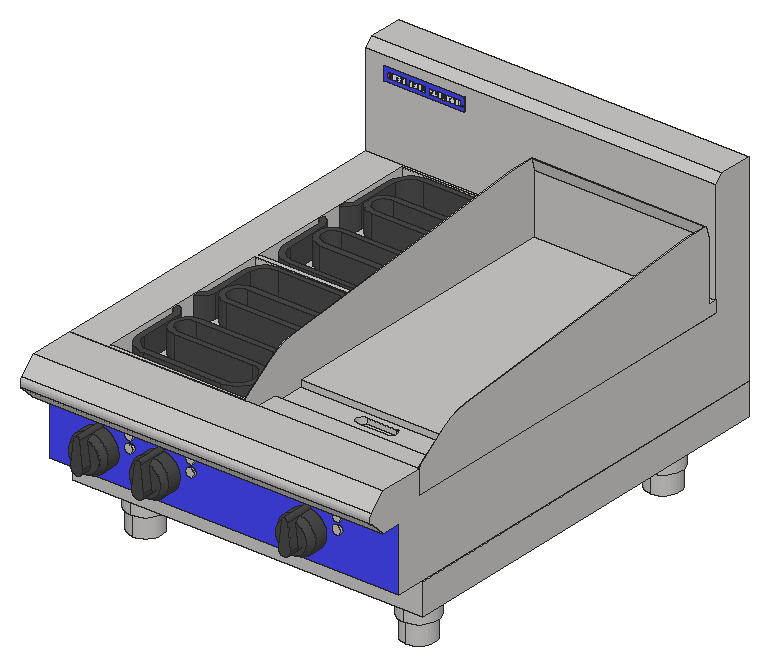
Revit family "QF_MOFFAT_BLUESEAL_CE_E514C-B", category Specialty Equipment, Revit 2012
Parameters
  Width [instance] = 600.0 mm  # constant formula
  Weight in Pounds = 162  # constant formula
  Watts = 8200 W
  Volts = 400 V
  URL Cutsheet = "www.moffat.com"
  URL = "www.moffat.com"
  Type Mark [instance] = ""
  Status [instance] = ""
  Specification by User [instance] = ""
  Specification by Manufacturer = ""
  Show Logo [instance] = yes
  Serial Number = ""
  Seismic Rating = ""
  SMACNA No = ""
  Revision Code [instance] = ""
  Phase = 3
  Omniclass Number and Title = ""
  Number of Poles = 1
  NAFEM Spec ID Number = ""
  Model = "E514C-B"
  Min Ckt Ampacity = 0 A
  Max Overcurrent Protection = 0 A
  Masterspec = ""
  Manufacturer = "MOFFAT BLUESEAL"
  Item Number [instance] = ""
  Installed By [instance] = ""
  Identify Quantity as Lot [instance] = yes
  Height [instance] = 370.0 mm  # constant formula
  HP = ""
  Furnished By [instance] = ""
  Foodservice Equipment Identifier [instance] = yes
  FL Amps = 20 A
  Electrical Remarks = "20A PER PHASE"
  Elec Conn RI Height = 0.0 mm
  Elec Conn Connection Height = 0.0 mm
  Description = "600MM ELECTRIC COOK TOP & GRIDDLE ON BENCH MOUNT"
  Depth [instance] = 812.0 mm  # constant formula
  Cycle = 50 Hz
  Conn Plug = ""
  Conn Conduit = yes
  CSI MasterFormat = ""
  CSI Master Format = ""
  Base Height [instance] = 85.0 mm
  Apparent Power = if(Phase = 3, Volts * FL Amps * 1.73, Volts * FL Amps)  # 13840 VA
Reference planes
  plane 1 "BACK": y = 0
  plane 2: z = 0
  plane 3 "LEFT": x = 0
  plane 4 "RIGHT": x = 600
  plane 5 "FRONT": y = -812
  plane 6 "TOP": z = 375
  plane 7 "Center Y": x = 300
  plane 8 "Center X": y = -406
  plane 9 "Base Height": z = 85
  plane 10: x = 65
  plane 11: x = 535
  plane 12: z = 485
  plane 13: y = -100
  plane 14: y = -625
Forms (mm)
  Extrusion 1, solid, material "QF_Finishes_Stainless Steel"
    sketch origin (0, 0, 0) x (0, 1, 0) y (0, 0, 1)
      loop
        line (0, 140) -> (0, 485) -> (-57.5, 485) -> (-70, 472.5) -> (-70, 275) -> (-705, 275) -> (-705, 315) -> (-783.97, 315) -> (-808.485, 290.485)
        arc (-808.485, 290.485) -> (-811.999, 282) -> (-808.485, 273.515) r 12
        line (-808.485, 273.515) -> (-784.97, 250) -> (-749, 250) -> (-749, 140) -> (0, 140)
      loop
        line (0, 85) -> (0, 139.206) -> (-699, 139.206) -> (-699, 85) -> (0, 85)
    from 0 to 600
  Revolve 2, solid, material "QF_Finishes_Stainless Steel"
    sketch origin (534.5, -210, 0) x (0, 1, 0) y (0, 0, -1)
      loop
        line (78.25, -85) -> (110, -85) -> (110, 0) -> (82.5, 0) -> (82.5, -35) -> (78.25, -35) -> (78.25, -85)
      axis (110, -85) -> (110, 0)
    angle from 0 to 360
  Revolve 3, solid, material "QF_Finishes_Stainless Steel"
    sketch origin (65.5, -210, 0) x (0, 1, 0) y (0, 0, 1)
      loop
        line (78.25, 85) -> (78.25, 35) -> (82.5, 35) -> (82.5, 0) -> (110, 0) -> (110, 85) -> (78.25, 85)
      axis (110, 85) -> (110, 0)
    angle from 0 to 360
  Extrusion 4, void
    sketch origin (0, -706, 139.206) x (0, 1, 0) y (-1, 0, 0)
      loop
        circle (674, -470) r 13.5
    from 0 to -86.704
  Revolve 5, solid, material "QF_Finishes_Black"
    sketch origin (93.995, 7, -7.2) x (0, 1, 0) y (0, 0, -1)
      loop
        line (-789, -234.5) -> (-766, -234.5) -> (-766, -207) -> (-756, -207) -> (-756, -202) -> (-800, -202) -> (-800, -228.651) -> (-789, -234.5)
      axis (-800, -202) -> (-756, -202)
    angle from 0 to 360
  Extrusion 6, solid, material "QF_Finishes_Black"
    sketch origin (232.265, 0, -7.042) x (-1, 0, 0) y (0, 0, -1)
      loop
        line (143.268, -233.955) -> (148.757, -189.87)
        arc (148.757, -189.87) -> (137.685, -179.371) -> (127.85, -191.037) r 10.487
        line (127.85, -191.037) -> (133.271, -233.955)
        arc (133.271, -233.955) -> (138.27, -238.842) -> (143.268, -233.955) r 5
    from 759 to 808
  Revolve 7, solid, material "QF_Finishes_Stainless Steel"
    sketch origin (534.5, -728, 0) x (0, 1, 0) y (0, 0, -1)
      loop
        line (71.25, -85) -> (103, -85) -> (103, 0) -> (75.5, 0) -> (75.5, -35) -> (71.25, -35) -> (71.25, -85)
      axis (103, -85) -> (103, 0)
    angle from 0 to 360
  Revolve 8, solid, material "QF_Finishes_Stainless Steel"
    sketch origin (65.5, -728, 0) x (0, 1, 0) y (0, 0, 1)
      loop
        line (71.25, 85) -> (71.25, 35) -> (75.5, 35) -> (75.5, 0) -> (103, 0) -> (103, 85) -> (71.25, 85)
      axis (103, 85) -> (103, 0)
    angle from 0 to 360
  Extrusion 9, solid, material "QF_Finishes_Stainless Steel"
    sketch origin (0, -706, 139.206) x (0, 1, 0) y (-1, 0, 0)
      loop
        circle (675, -469.75) r 6.35
    from 0 to -24.206
  Extrusion 10, solid, material "QF_Finishes_Stainless Steel"
    sketch origin (-40, -749, 250) x (0, 0, -1) y (1, 0, 0)
      loop
        circle (45.2, 179) r 7.15
      loop
        circle (25.2, 179) r 7.15
    from 0 to 3.2
  Revolve 11, solid, material "QF_Finishes_Black"
    sketch origin (198.995, 7, -7.2) x (0, 1, 0) y (0, 0, -1)
      loop
        line (-789, -234.5) -> (-766, -234.5) -> (-766, -207) -> (-756, -207) -> (-756, -202) -> (-800, -202) -> (-800, -228.651) -> (-789, -234.5)
      axis (-800, -202) -> (-756, -202)
    angle from 0 to 360
  Extrusion 12, solid, material "QF_Finishes_Black"
    sketch origin (337.265, 0, -7.042) x (-1, 0, 0) y (0, 0, -1)
      loop
        line (143.268, -233.955) -> (148.757, -189.87)
        arc (148.757, -189.87) -> (137.685, -179.371) -> (127.85, -191.037) r 10.487
        line (127.85, -191.037) -> (133.271, -233.955)
        arc (133.271, -233.955) -> (138.27, -238.842) -> (143.268, -233.955) r 5
    from 759 to 808
  Extrusion 13, solid, material "QF_Finishes_Stainless Steel"
    sketch origin (65, -749, 250) x (0, 0, -1) y (1, 0, 0)
      loop
        circle (45.2, 179) r 7.15
      loop
        circle (25.2, 179) r 7.15
    from 0 to 3.2
  Revolve 14, solid, material "QF_Finishes_Black"
    sketch origin (450.3, 7, -7.2) x (0, 1, 0) y (0, 0, -1)
      loop
        line (-789, -234.5) -> (-766, -234.5) -> (-766, -207) -> (-756, -207) -> (-756, -202) -> (-800, -202) -> (-800, -228.651) -> (-789, -234.5)
      axis (-800, -202) -> (-756, -202)
    angle from 0 to 360
  Extrusion 15, solid, material "QF_Finishes_Black"
    sketch origin (588.57, 0, -7.042) x (-1, 0, 0) y (0, 0, -1)
      loop
        line (143.268, -233.955) -> (148.757, -189.87)
        arc (148.757, -189.87) -> (137.685, -179.371) -> (127.85, -191.037) r 10.487
        line (127.85, -191.037) -> (133.271, -233.955)
        arc (133.271, -233.955) -> (138.27, -238.842) -> (143.268, -233.955) r 5
    from 759 to 808
  Extrusion 16, solid, material "QF_Finishes_Stainless Steel"
    sketch origin (316.305, -749, 250) x (0, 0, -1) y (1, 0, 0)
      loop
        circle (45.2, 179) r 7.15
      loop
        circle (25.2, 179) r 7.15
    from 0 to 3.2
Cuts and joins
  joined: Revolve 5, Extrusion 6
  Extrusion 4 cuts Extrusion 1
Lines and regions (mm)
  Split face 1
    outline origin (600, 0, 485) x (-1, 0, 0) y (0, -1, 0)
      loop
        arc (556, 18.385) -> (564.66, 23.385) -> (564.66, 33.385) r 10
        line (564.66, 33.385) -> (560.619, 40.385)
        arc (560.619, 40.385) -> (556.959, 44.045) -> (551.959, 45.385) r 10
        line (551.959, 45.385) -> (324, 45.385)
        arc (324, 45.385) -> (315.34, 40.385) -> (315.34, 30.385) r 10
        line (315.34, 30.385) -> (319.381, 23.385)
        arc (319.381, 23.385) -> (323.041, 19.725) -> (328.041, 18.385) r 10
        line (328.041, 18.385) -> (556, 18.385)
  Split face 2
    outline origin (600, 0, 485) x (-1, 0, 0) y (0, -1, 0)
      loop
        arc (276, 18.385) -> (284.66, 23.385) -> (284.66, 33.385) r 10
        line (284.66, 33.385) -> (280.619, 40.385)
        arc (280.619, 40.385) -> (276.959, 44.045) -> (271.959, 45.385) r 10
        line (271.959, 45.385) -> (44, 45.385)
        arc (44, 45.385) -> (35.34, 40.385) -> (35.34, 30.385) r 10
        line (35.34, 30.385) -> (39.381, 23.385)
        arc (39.381, 23.385) -> (43.041, 19.725) -> (48.041, 18.385) r 10
        line (48.041, 18.385) -> (276, 18.385)
  symbolic lines
    curve 1: line (0, -812, 0) -> (600, -812, 0)
    curve 2: line (0, 0, 0) -> (0, -812, 0)
    curve 3: line (600, 0, 0) -> (0, 0, 0)
    curve 4: line (600, -812, 0) -> (600, 0, 0)
    curve 5: line (0, -57.5, 0) -> (600, -57.5, 0)
    curve 6: line (48.041, -45.385, 0) -> (276, -45.385, 0)
    curve 7: arc (276, -45.385, 0) -> (284.66, -40.385, 0) -> (284.66, -30.385, 0) r 10
    curve 8: line (284.66, -30.385, 0) -> (280.619, -23.385, 0)
    curve 9: arc (280.619, -23.385, 0) -> (276.959, -19.725, 0) -> (271.959, -18.385, 0) r 10
    curve 10: line (271.959, -18.385, 0) -> (44, -18.385, 0)
    curve 11: arc (44, -18.385, 0) -> (35.34, -23.385, 0) -> (35.34, -33.385, 0) r 10
    curve 12: line (35.34, -33.385, 0) -> (39.381, -40.385, 0)
    curve 13: arc (39.381, -40.385, 0) -> (43.041, -44.045, 0) -> (48.041, -45.385, 0) r 10
    curve 14: line (556, -45.385, 0) -> (328.041, -45.385, 0)
    curve 15: arc (328.041, -45.385, 0) -> (323.041, -44.045, 0) -> (319.381, -40.385, 0) r 10
    curve 16: line (319.381, -40.385, 0) -> (315.34, -33.385, 0)
    curve 17: arc (315.34, -33.385, 0) -> (315.34, -23.385, 0) -> (324, -18.385, 0) r 10
    curve 18: line (324, -18.385, 0) -> (551.959, -18.385, 0)
    curve 19: arc (551.959, -18.385, 0) -> (556.959, -19.725, 0) -> (560.619, -23.385, 0) r 10
    curve 20: line (560.619, -23.385, 0) -> (564.66, -30.385, 0)
    curve 21: arc (564.66, -30.385, 0) -> (564.66, -40.385, 0) -> (556, -45.385, 0) r 10
    curve 22: line (0, -70, 0) -> (600, -70, 0)
    curve 23: line (0, -783.97, 0) -> (600, -783.97, 0)
Dimensions and locks
  equal spacing: plane 3 "LEFT", plane 7 "Center Y", plane 4 "RIGHT"
  "Width": plane 3 "LEFT" to plane 4 "RIGHT"
  equal spacing: plane 5 "FRONT", plane 8 "Center X", plane 1 "BACK"
  "Depth": plane 5 "FRONT" to plane 1 "BACK"
  "Base Height": plane 9 "Base Height" to level
  locked: plane 6 "TOP" to plane 9 "Base Height" at 290
  plane 6 "TOP" to level = 375.0 mm
  locked: plane 12 to plane 2 at 485
  Extrusion 9 sketch curve to plane 1 "BACK" = 31.0 mm
  cut or joined group of Extrusion 1, Extrusion 4 to plane 2 = 315.0 mm
  aligned and locked: level to plane 2
  aligned and locked: Revolve 3 sketch curve to plane 9 "Base Height"
Automatic sketch dimensions
  curve 1 to plane 3 "LEFT" = 0.0 mm
  curve 5 to plane 4 "RIGHT" = 0.0 mm
  plane 5 "FRONT" to curve 1 = 0.0 mm
  plane 1 "BACK" to curve 4 = 0.0 mm
  curve 11 to plane 10 = 29.66 mm
  curve 12 to curve 13 = 4.041 mm
  curve 11 to curve 11 = 8.66 mm
  curve 12 to curve 13 = 8.66 mm
  curve 10 to plane 7 "Center Y" = 28.041 mm
  curve 9 to curve 7 = 4.041 mm
  curve 9 to curve 8 = 8.66 mm
  curve 8 to curve 8 = 4.041 mm
  plane 7 "Center Y" to curve 16 = 15.34 mm
  curve 16 to curve 16 = 4.041 mm
  curve 17 to curve 17 = 8.66 mm
  curve 16 to curve 14 = 8.66 mm
  curve 19 to plane 11 = 16.959 mm
  curve 19 to curve 21 = 4.041 mm
  curve 19 to curve 19 = 8.66 mm
  curve 19 to curve 20 = 4.041 mm
  curve 23 to plane 5 "FRONT" = 28.03 mm
  plane 13 to curve 22 = 30.0 mm
  curve 22 to curve 5 = 12.5 mm
  plane 1 "BACK" to curve 6 = 45.385 mm
  plane 1 "BACK" to curve 14 = 45.385 mm
  curve 6 to curve 12 = 5.0 mm
  curve 14 to curve 15 = 5.0 mm
  curve 6 to curve 7 = 10.0 mm
  curve 14 to curve 21 = 10.0 mm
  curve 13 to curve 12 = 7.0 mm
  curve 16 to curve 17 = 7.0 mm
  curve 7 to curve 9 = 7.0 mm
  curve 13 to curve 11 = 7.0 mm
  curve 21 to curve 19 = 7.0 mm
  curve 15 to curve 17 = 7.0 mm
  Extrusion 1 sketch curve to plane 9 "Base Height" = 0.0 mm
  Extrusion 1 sketch curve to plane 12 = 0.0 mm
  Extrusion 1 sketch curve to plane 1 "BACK" = 0.0 mm  (x2)
  plane 13 to Extrusion 1 sketch curve = 42.5 mm
  Extrusion 1 sketch curve to plane 12 = 12.5 mm
  Extrusion 1 sketch curve to Extrusion 1 sketch curve = 12.5 mm
  Extrusion 1 sketch curve to plane 14 = 74.0 mm
  Extrusion 1 sketch curve to plane 14 = 80.0 mm
  Extrusion 1 sketch curve to Extrusion 1 sketch curve = 44.0 mm
  Extrusion 1 sketch curve to plane 5 "FRONT" = 28.03 mm
  Extrusion 1 sketch curve to plane 5 "FRONT" = 27.03 mm
  Extrusion 1 sketch curve to plane 5 "FRONT" = 12.001 mm
  Extrusion 1 sketch curve to plane 5 "FRONT" = 3.515 mm  (x2)
  plane 9 "Base Height" to Extrusion 1 sketch curve = 54.206 mm
  Extrusion 1 sketch curve to Extrusion 1 sketch curve = 0.794 mm
  Extrusion 1 sketch curve to Extrusion 1 sketch curve = 110.0 mm
  Extrusion 1 sketch curve to Extrusion 1 sketch curve = 23.515 mm
  Extrusion 1 sketch curve to Extrusion 1 sketch curve = 25.0 mm
  Extrusion 1 sketch curve to Extrusion 1 sketch curve = 8.485 mm
  Extrusion 1 sketch curve to Extrusion 1 sketch curve = 24.515 mm
  Revolve 2 sketch curve to plane 9 "Base Height" = 0.0 mm
  Revolve 2 sketch curve to level = 0.0 mm
  Revolve 2 sketch curve to plane 13 = 0.0 mm  (x2)
  Revolve 2 sketch curve to plane 13 = 27.5 mm
  Revolve 2 sketch curve to plane 13 = 31.75 mm
  Revolve 2 sketch curve to Revolve 2 sketch curve = 30.0 mm
  Revolve 2 sketch curve to Revolve 2 sketch curve = 20.0 mm
  Revolve 2 sketch curve to Revolve 2 sketch curve = 55.0 mm
  Revolve 3 sketch curve to level = 0.0 mm
  Revolve 3 sketch curve to plane 13 = 0.0 mm  (x2)
  Revolve 3 sketch curve to Revolve 3 sketch curve = 27.5 mm
  Revolve 3 sketch curve to Revolve 3 sketch curve = 31.75 mm
  Revolve 3 sketch curve to Revolve 3 sketch curve = 55.0 mm
  level to Revolve 3 sketch curve = 35.0 mm
  Revolve 3 sketch curve to plane 9 "Base Height" = 30.0 mm
  Extrusion 1 to Extrusion 4 sketch curve = 32.0 mm
  Extrusion 1 to Extrusion 4 sketch curve = 130.0 mm
  Revolve 5 sketch curve to plane 5 "FRONT" = 19.0 mm
  Revolve 5 sketch curve to Revolve 5 sketch curve = 0.0 mm  (x2)
  Revolve 5 sketch curve to Revolve 5 sketch curve = 11.0 mm
  Revolve 5 sketch curve to Revolve 5 sketch curve = 12.7 mm
  Revolve 5 sketch curve to Revolve 5 sketch curve = 23.0 mm
  Revolve 5 sketch curve to Revolve 5 sketch curve = 10.0 mm
  plane 9 "Base Height" to Revolve 5 sketch curve = 142.3 mm
  Revolve 5 sketch curve to Revolve 5 sketch curve = 5.849 mm
  Revolve 5 sketch curve to Revolve 5 sketch curve = 27.5 mm
  Revolve 5 sketch curve to Revolve 5 sketch curve = 5.0 mm
  plane 10 to Extrusion 6 sketch curve = 39.415 mm
  plane 10 to Extrusion 6 sketch curve = 33.994 mm
  Extrusion 6 sketch curve to Extrusion 6 sketch curve = 4.999 mm  (x2)
  Extrusion 6 sketch curve to Extrusion 6 sketch curve = 10.419 mm
  Extrusion 6 sketch curve to Extrusion 6 sketch curve = 10.487 mm
  plane 9 "Base Height" to Extrusion 6 sketch curve = 141.913 mm
  Extrusion 6 sketch curve to Extrusion 6 sketch curve = 0.113 mm
  Extrusion 6 sketch curve to Extrusion 6 sketch curve = 42.919 mm
  Extrusion 6 sketch curve to Extrusion 6 sketch curve = 1.167 mm
  Revolve 7 sketch curve to plane 9 "Base Height" = 0.0 mm
  Revolve 7 sketch curve to level = 0.0 mm
  Revolve 7 sketch curve to plane 14 = 0.0 mm  (x2)
  Revolve 7 sketch curve to plane 14 = 27.5 mm
  Revolve 7 sketch curve to Revolve 7 sketch curve = 31.75 mm
  Revolve 7 sketch curve to Revolve 7 sketch curve = 30.0 mm
  Revolve 7 sketch curve to Revolve 7 sketch curve = 20.0 mm
  Revolve 7 sketch curve to level = 55.0 mm
  Revolve 8 sketch curve to plane 9 "Base Height" = 0.0 mm
  Revolve 8 sketch curve to level = 0.0 mm
  Revolve 8 sketch curve to plane 14 = 0.0 mm  (x2)
  Revolve 8 sketch curve to Revolve 8 sketch curve = 27.5 mm
  Revolve 8 sketch curve to Revolve 8 sketch curve = 31.75 mm
  Revolve 8 sketch curve to level = 55.0 mm
  Revolve 8 sketch curve to Revolve 8 sketch curve = 35.0 mm
  Revolve 8 sketch curve to Revolve 8 sketch curve = 30.0 mm
  Extrusion 1 to Extrusion 9 sketch curve = 130.25 mm
  Split face 1 sketch curve to cut or joined group of Extrusion 1, Extrusion 4 = 27.115 mm
  Split face 1 sketch curve to cut or joined group of Extrusion 1, Extrusion 4 = 284.66 mm
  Split face 1 sketch curve to Split face 1 sketch curve = 4.041 mm  (x4)
  Split face 1 sketch curve to Split face 1 sketch curve = 8.66 mm  (x2)
  Split face 1 sketch curve to cut or joined group of Extrusion 1, Extrusion 4 = 12.115 mm
  Split face 1 sketch curve to cut or joined group of Extrusion 1, Extrusion 4 = 48.041 mm
  Split face 1 sketch curve to Split face 1 sketch curve = 7.0 mm  (x3)
  Split face 1 sketch curve to Split face 1 sketch curve = 17.0 mm
  Split face 2 sketch curve to cut or joined group of Extrusion 1, Extrusion 4 = 35.34 mm
  Split face 2 sketch curve to Split face 2 sketch curve = 4.041 mm  (x4)
  Split face 2 sketch curve to Split face 2 sketch curve = 8.66 mm  (x2)
  Split face 2 sketch curve to cut or joined group of Extrusion 1, Extrusion 4 = 12.115 mm
  Split face 2 sketch curve to Split face 2 sketch curve = 223.917 mm
  Split face 2 sketch curve to Split face 2 sketch curve = 5.0 mm
  Split face 2 sketch curve to Split face 2 sketch curve = 10.0 mm
  Split face 2 sketch curve to Split face 2 sketch curve = 7.0 mm  (x3)
  Extrusion 1 to Extrusion 10 sketch curve = 25.2 mm
  Extrusion 10 sketch curve to Extrusion 10 sketch curve = 20.0 mm
  Extrusion 1 to Extrusion 10 sketch curve = 139.0 mm
  Extrusion 10 sketch curve to Extrusion 10 sketch curve = 0.0 mm
  Revolve 11 sketch curve to plane 5 "FRONT" = 19.0 mm
  Revolve 11 sketch curve to Revolve 11 sketch curve = 0.0 mm  (x2)
  Revolve 11 sketch curve to Revolve 11 sketch curve = 11.0 mm
  Revolve 11 sketch curve to Revolve 11 sketch curve = 12.7 mm
  Revolve 11 sketch curve to Revolve 11 sketch curve = 23.0 mm
  Revolve 11 sketch curve to Revolve 11 sketch curve = 10.0 mm
  plane 9 "Base Height" to Revolve 11 sketch curve = 142.3 mm
  Revolve 11 sketch curve to Revolve 11 sketch curve = 5.849 mm
  Revolve 11 sketch curve to Revolve 11 sketch curve = 27.5 mm
  Revolve 11 sketch curve to Revolve 11 sketch curve = 5.0 mm
  Extrusion 12 sketch curve to plane 7 "Center Y" = 90.585 mm
  Extrusion 12 sketch curve to Extrusion 12 sketch curve = 5.421 mm
  Extrusion 12 sketch curve to Extrusion 12 sketch curve = 4.999 mm  (x2)
  Extrusion 12 sketch curve to Extrusion 12 sketch curve = 10.419 mm
  plane 9 "Base Height" to Extrusion 12 sketch curve = 97.828 mm
  Extrusion 12 sketch curve to Extrusion 12 sketch curve = 10.487 mm
  Extrusion 12 sketch curve to Extrusion 12 sketch curve = 1.167 mm
  Extrusion 12 sketch curve to Extrusion 12 sketch curve = 44.0 mm
  Extrusion 12 sketch curve to Extrusion 12 sketch curve = 0.113 mm
  Extrusion 1 to Extrusion 13 sketch curve = 25.2 mm
  Extrusion 13 sketch curve to Extrusion 13 sketch curve = 20.0 mm
  Extrusion 1 to Extrusion 13 sketch curve = 244.0 mm
  Extrusion 13 sketch curve to Extrusion 13 sketch curve = 0.0 mm
  Revolve 14 sketch curve to plane 5 "FRONT" = 19.0 mm
  Revolve 14 sketch curve to Revolve 14 sketch curve = 0.0 mm  (x2)
  Revolve 14 sketch curve to Revolve 14 sketch curve = 11.0 mm
  Revolve 14 sketch curve to Revolve 14 sketch curve = 12.7 mm
  Revolve 14 sketch curve to Revolve 14 sketch curve = 23.0 mm
  Revolve 14 sketch curve to Revolve 14 sketch curve = 10.0 mm
  plane 9 "Base Height" to Revolve 14 sketch curve = 142.3 mm
  Revolve 14 sketch curve to Revolve 14 sketch curve = 5.849 mm
  Revolve 14 sketch curve to Revolve 14 sketch curve = 27.5 mm
  Revolve 14 sketch curve to Revolve 14 sketch curve = 5.0 mm
  plane 7 "Center Y" to Extrusion 15 sketch curve = 160.719 mm
  Extrusion 15 sketch curve to Extrusion 15 sketch curve = 5.421 mm
  Extrusion 15 sketch curve to Extrusion 15 sketch curve = 4.999 mm  (x2)
  Extrusion 15 sketch curve to Extrusion 15 sketch curve = 10.419 mm
  Extrusion 15 sketch curve to Extrusion 15 sketch curve = 10.487 mm
  plane 9 "Base Height" to Extrusion 15 sketch curve = 141.913 mm
  Extrusion 15 sketch curve to Extrusion 15 sketch curve = 0.113 mm
  Extrusion 15 sketch curve to Extrusion 15 sketch curve = 42.919 mm
  Extrusion 15 sketch curve to Extrusion 15 sketch curve = 1.167 mm
  Extrusion 1 to Extrusion 16 sketch curve = 25.2 mm
  Extrusion 16 sketch curve to Extrusion 16 sketch curve = 20.0 mm
  Extrusion 1 to Extrusion 16 sketch curve = 104.695 mm
  Extrusion 16 sketch curve to Extrusion 16 sketch curve = 0.0 mm
  radius of Extrusion 4 sketch curve = 13.5 mm
  radius of Extrusion 9 sketch curve = 6.35 mm
  radius of Extrusion 10 sketch curve = 7.15 mm  (x2)
  radius of Extrusion 13 sketch curve = 7.15 mm  (x2)
  radius of Extrusion 16 sketch curve = 7.15 mm  (x2)
Nested families
  nested 1: "WALDORF LOGO_FACE BASE" at (32, -70, 456.885) x (1, 0, 0) z (0, -1, 0), visible <- "Show Logo", type "WALDORF LOGO_FACE BASE", detail levels medium+fine
    with Show Logo yes
  nested 2: "ELECTRIC BURNER & GRIDDLE 600" at (0, -70, 275), type "ELECTRIC BURNER & GRIDDLE 600"
    with Width 600.0 mm, Type Mark "", Status "", Specification by User "", Revision Code "", Item Number "", Installed By "", Identify Quantity as Lot yes, Furnished By "", Foodservice Equipment Identifier yes, Depth 635.0 mm
Connectors
  electrical at (469.75, -31, 115), driven by "Volts", driven by "Watts"
    settings: on Extrusion 9, index 1, voltage 400 V, apparent load 8200 VA, apparent load phase1 0 VA, apparent load phase2 0 VA, apparent load phase3 0 VA, power factor 1, load classification "Other", number of poles 1, system type 30, power factor state 1, is connector primary yes, connector utility no, sub classification motor no, connector description "ELECTRICAL CONNECTION"
Definition of nested family "WALDORF LOGO_FACE BASE"
  Parameters (values of type "WALDORF LOGO_FACE BASE")
    Show Logo [instance] = yes
    Default Elevation = 1219.2 mm
  Reference planes
    plane 1 "Center (Front/Back)": y = 0
    plane 2: z = 0
    plane 3 "Center (Left/Right)": x = 0
  Forms (mm)
    Extrusion 1, solid
      sketch origin (0, 0, 0) x (1, 0, 0) y (0, 1, 0)
        loop
          line (-1219.2, 1219.2) -> (-1219.2, -1219.2) -> (1219.2, -1219.2) -> (1219.2, 1219.2) -> (-1219.2, 1219.2)
      from 0 to -304.8
    Extrusion 2, solid, material "QF_Finishes_Blue", visible <- "Show Logo"
      sketch origin (0, -33.217, 0) x (1, 0, 0) y (0, 1, 0)
        loop
          arc (138, 31.942) -> (137.626, 32.844) -> (136.724, 33.217) r 1.276
          line (136.724, 33.217) -> (1.29, 33.217)
          arc (1.29, 33.217) -> (0.378, 32.839) -> (0, 31.927) r 1.29
          line (0, 31.927) -> (0, 11.507)
          arc (0, 11.507) -> (0.378, 10.595) -> (1.29, 10.217) r 1.29
          line (1.29, 10.217) -> (136.71, 10.217)
          arc (136.71, 10.217) -> (137.622, 10.595) -> (138, 11.507) r 1.29
          line (138, 11.507) -> (138, 31.942)
      from 0 to 1.588
    Extrusion 3, solid, material "QF_Finishes_White", visible <- "Show Logo"
      sketch origin (0, -33.217, 1.588) x (1, 0, 0) y (0, 1, 0)
        loop
          arc (108.946, 25.919) -> (107.613, 25.367) -> (107.061, 24.034) r 1.885
          line (107.061, 24.034) -> (107.061, 17.211) -> (112.704, 17.211) -> (112.704, 19.129) -> (115.546, 19.129) -> (115.546, 17.211) -> (121.584, 17.211) -> (121.584, 24.075)
          arc (121.584, 24.075) -> (121.043, 25.379) -> (119.739, 25.919) r 1.845
          line (119.739, 25.919) -> (108.946, 25.919)
        loop
          line (123.478, 25.919) -> (123.478, 17.163) -> (134.904, 17.163) -> (134.904, 19.129) -> (129.246, 19.129) -> (129.246, 25.919) -> (123.478, 25.919)
        loop
          line (112.704, 21.258) -> (115.546, 21.258) -> (115.546, 22.702)
          arc (115.546, 22.702) -> (115.344, 23.188) -> (114.858, 23.389) r 0.687
          line (114.858, 23.389) -> (113.363, 23.389)
          arc (113.363, 23.389) -> (112.897, 23.196) -> (112.704, 22.73) r 0.658
          line (112.704, 22.73) -> (112.704, 21.258)
        loop
          line (105.071, 25.919) -> (93.771, 25.919) -> (93.771, 17.163) -> (105.071, 17.163) -> (105.071, 19.063) -> (99.535, 19.063) -> (99.535, 20.437) -> (105.071, 20.437) -> (105.071, 22.278) -> (99.535, 22.278) -> (99.535, 23.587) -> (105.071, 23.587) -> (105.071, 25.919)
        loop
          line (91.104, 25.919) -> (79.541, 25.919)
          arc (79.541, 25.919) -> (78.558, 25.513) -> (78.152, 24.53) r 1.389
          line (78.152, 24.53) -> (78.152, 22.08)
          arc (78.152, 22.08) -> (78.558, 21.098) -> (79.541, 20.691) r 1.389
          line (79.541, 20.691) -> (86.346, 20.691) -> (86.346, 18.864) -> (83.266, 18.864) -> (83.266, 19.664) -> (78.152, 19.664) -> (78.152, 18.553)
          arc (78.152, 18.553) -> (78.558, 17.57) -> (79.541, 17.163) r 1.389
          line (79.541, 17.163) -> (91.063, 17.163)
          arc (91.063, 17.163) -> (92.045, 17.57) -> (92.452, 18.553) r 1.389
          line (92.452, 18.553) -> (92.452, 20.691)
          arc (92.452, 20.691) -> (92.045, 21.673) -> (91.063, 22.08) r 1.389
          line (91.063, 22.08) -> (83.266, 22.08) -> (83.266, 23.984) -> (86.346, 23.984) -> (86.346, 22.743) -> (92.452, 22.743) -> (92.452, 24.571)
          arc (92.452, 24.571) -> (92.057, 25.524) -> (91.104, 25.919) r 1.348
        loop
          line (70.705, 25.919) -> (59.405, 25.919) -> (59.405, 17.163) -> (70.705, 17.163) -> (70.705, 19.063) -> (65.169, 19.063) -> (65.169, 20.437) -> (70.705, 20.437) -> (70.705, 22.278) -> (65.169, 22.278) -> (65.169, 23.587) -> (70.705, 23.587) -> (70.705, 25.919)
        loop
          line (57.598, 25.919) -> (51.7, 25.919) -> (51.7, 20.18)
          arc (51.7, 20.18) -> (50.63, 19.11) -> (49.56, 20.18) r 1.07
          line (49.56, 20.18) -> (49.56, 25.919) -> (43.663, 25.919) -> (43.663, 19.049)
          arc (43.663, 19.049) -> (44.215, 17.716) -> (45.548, 17.163) r 1.885
          line (45.548, 17.163) -> (55.71, 17.163)
          arc (55.71, 17.163) -> (57.045, 17.716) -> (57.598, 19.051) r 1.887
          line (57.598, 19.051) -> (57.598, 25.919)
        loop
          line (31.62, 25.919) -> (31.62, 17.163) -> (43.046, 17.163) -> (43.046, 19.129) -> (37.388, 19.129) -> (37.388, 25.919) -> (31.62, 25.919)
        loop
          line (15.969, 25.919) -> (15.969, 17.163) -> (28.693, 17.163)
          arc (28.693, 17.163) -> (29.812, 17.627) -> (30.276, 18.746) r 1.582
          line (30.276, 18.746) -> (30.276, 20.447) -> (29.48, 21.243) -> (30.276, 22.039) -> (30.276, 24.332)
          arc (30.276, 24.332) -> (29.811, 25.454) -> (28.688, 25.919) r 1.587
          line (28.688, 25.919) -> (15.969, 25.919)
        loop
          line (21.449, 24.159) -> (21.449, 22.436) -> (23.862, 22.436)
          arc (23.862, 22.436) -> (24.723, 23.298) -> (23.862, 24.159) r 0.861
          line (23.862, 24.159) -> (21.449, 24.159)
        loop
          line (21.449, 20.244) -> (21.449, 18.522) -> (23.862, 18.522)
          arc (23.862, 18.522) -> (24.723, 19.383) -> (23.862, 20.244) r 0.861
          line (23.862, 20.244) -> (21.449, 20.244)
      from 0 to 0.2
    Extrusion 4, solid, material "QF_Finishes_Blue", visible <- "Show Logo"
      sketch origin (-126.498, -31.09, 1.588) x (1, 0, 0) y (0, 1, 0)
        loop
          line (136.738, 23.522) -> (136.738, 15.1)
          arc (136.738, 15.1) -> (140.756, 19.311) -> (136.738, 23.522) r 4.216
      from 0 to 0.2
    Extrusion 5, solid, material "QF_Finishes_Red", visible <- "Show Logo"
      sketch origin (146.849, -31.09, 1.588) x (-1, 0, 0) y (0, -1, 0)
        loop
          arc (136.738, -23.522) -> (140.756, -19.311) -> (136.738, -15.1) r 4.216
          line (136.738, -15.1) -> (136.738, -23.522)
      from 0 to 0.2
  Lines and regions (mm)
    Split face 1
      outline origin (-90.35, -30.793, 1.588) x (1, 0, 0) y (0, 1, 0)
        loop
          circle (100.54, 19.013) r 4.536
  Dimensions and locks
    aligned and locked: plane 2 to Extrusion 1
    aligned and locked: level to Extrusion 1
Definition of nested family "ELECTRIC BURNER & GRIDDLE 600"
  Parameters (values of type "ELECTRIC BURNER & GRIDDLE 600")
    Width [instance] = 600.0 mm
    Weight in Pounds = 0
    URL Cutsheet = ""
    Type Mark [instance] = ""
    Status [instance] = ""
    Specification by User [instance] = ""
    Specification by Manufacturer = ""
    Serial Number = ""
    Seismic Rating = ""
    SMACNA No = ""
    Revision Code [instance] = ""
    Omniclass Number and Title = ""
    NAFEM Spec ID Number = ""
    Masterspec = ""
    Item Number [instance] = ""
    Installed By [instance] = ""
    Identify Quantity as Lot [instance] = yes
    Furnished By [instance] = ""
    Foodservice Equipment Identifier [instance] = yes
    Depth [instance] = 635.0 mm
    CSI MasterFormat = ""
    CSI Master Format = ""
  Reference planes
    plane 1 "BACK": y = 0
    plane 2: z = 0
    plane 3 "LEFT": x = 0
    plane 4 "RIGHT": x = 600
    plane 5 "FRONT": y = -635
    plane 6 "TOP": z = 142.5
    plane 7 "Center Y": x = 300
    plane 8 "Center X": y = -317.5
    plane 9: x = 65.8
    plane 10: y = -70
  Forms (mm)
    Extrusion 1, solid, material "QF_Finishes_Stainless Steel"
      sketch origin (0, 1, 0) x (0, -1, 0) y (1, 0, 0)
        loop
          line (1, 0) -> (636, 0) -> (636, 300) -> (1, 300) -> (1, 0)
        loop
          line (631, 65.8) -> (631, 294.362) -> (321.251, 294.362) -> (321.251, 65.8) -> (631, 65.8)
        loop
          line (6, 294.362) -> (6, 65.8) -> (313.651, 65.8) -> (313.651, 294.362) -> (6, 294.362)
      from 0 to 40
    Extrusion 2, solid, material "QF_Finishes_Black"
      sketch origin (0, 15.7, 0) x (0, -1, 0) y (1, 0, 0)
        loop
          arc (156.993, 65.612) -> (148.172, 80.048) -> (132.304, 85.912) r 25.79
          line (132.304, 85.912) -> (61.096, 85.912)
          arc (61.096, 85.912) -> (42.545, 94.459) -> (35.45, 113.612) r 26.722
          line (35.45, 113.612) -> (35.45, 246.212)
          arc (35.45, 246.212) -> (63.15, 273.912) -> (90.85, 246.212) r 27.7
          line (90.85, 246.212) -> (90.85, 113.769)
          arc (90.85, 113.769) -> (118.55, 86.069) -> (146.25, 113.769) r 27.7
          line (146.25, 113.769) -> (146.25, 246.212)
          arc (146.25, 246.212) -> (173.95, 273.912) -> (201.65, 246.212) r 27.7
          line (201.65, 246.212) -> (201.65, 114.237)
          arc (201.65, 114.237) -> (229.35, 86.537) -> (257.05, 114.237) r 27.7
          line (257.05, 114.237) -> (257.05, 246.212)
          arc (257.05, 246.212) -> (284.75, 273.912) -> (312.45, 246.212) r 27.7
          line (312.45, 246.212) -> (312.45, 113.612)
          arc (312.45, 113.612) -> (305.355, 94.459) -> (286.804, 85.912) r 26.722
          line (286.804, 85.912) -> (215.596, 85.912)
          arc (215.596, 85.912) -> (199.705, 80.037) -> (190.819, 65.612) r 25.973
          line (190.819, 65.612) -> (201.232, 65.612)
          arc (201.232, 65.612) -> (206.91, 72.964) -> (215.719, 75.912) r 15.973
          line (215.719, 75.912) -> (286.986, 75.912)
          arc (286.986, 75.912) -> (312.551, 87.513) -> (322.45, 113.784) r 36.722
          line (322.45, 113.784) -> (322.45, 246.212)
          arc (322.45, 246.212) -> (284.75, 283.912) -> (247.05, 246.212) r 37.7
          line (247.05, 246.212) -> (247.05, 113.612)
          arc (247.05, 113.612) -> (229.35, 95.912) -> (211.65, 113.612) r 17.7
          line (211.65, 113.612) -> (211.65, 246.212)
          arc (211.65, 246.212) -> (173.95, 283.912) -> (136.25, 246.212) r 37.7
          line (136.25, 246.212) -> (136.25, 113.612)
          arc (136.25, 113.612) -> (118.55, 95.912) -> (100.85, 113.612) r 17.7
          line (100.85, 113.612) -> (100.85, 246.212)
          arc (100.85, 246.212) -> (63.15, 283.912) -> (25.45, 246.212) r 37.7
          line (25.45, 246.212) -> (25.45, 113.784)
          arc (25.45, 113.784) -> (35.349, 87.513) -> (60.914, 75.912) r 36.722
          line (60.914, 75.912) -> (132.193, 75.912)
          arc (132.193, 75.912) -> (140.976, 72.972) -> (146.6, 65.612) r 15.79
          line (146.6, 65.612) -> (156.993, 65.612)
        loop
          arc (469.581, 65.612) -> (460.695, 80.037) -> (444.804, 85.912) r 25.973
          line (444.804, 85.912) -> (373.596, 85.912)
          arc (373.596, 85.912) -> (355.045, 94.459) -> (347.95, 113.612) r 26.722
          line (347.95, 113.612) -> (347.95, 246.212)
          arc (347.95, 246.212) -> (375.65, 273.912) -> (403.35, 246.212) r 27.7
          line (403.35, 246.212) -> (403.35, 114.862)
          arc (403.35, 114.862) -> (431.05, 87.162) -> (458.75, 114.862) r 27.7
          line (458.75, 114.862) -> (458.75, 246.212)
          arc (458.75, 246.212) -> (486.45, 273.912) -> (514.15, 246.212) r 27.7
          line (514.15, 246.212) -> (514.15, 114.862)
          arc (514.15, 114.862) -> (541.85, 87.162) -> (569.55, 114.862) r 27.7
          line (569.55, 114.862) -> (569.55, 246.212)
          arc (569.55, 246.212) -> (597.25, 273.912) -> (624.95, 246.212) r 27.7
          line (624.95, 246.212) -> (624.95, 113.612)
          arc (624.95, 113.612) -> (617.855, 94.459) -> (599.304, 85.912) r 26.722
          line (599.304, 85.912) -> (528.096, 85.912)
          arc (528.096, 85.912) -> (511.987, 79.848) -> (503.282, 65) r 25.79
          line (503.282, 65) -> (513.588, 65)
          arc (513.588, 65) -> (519.162, 72.781) -> (528.207, 75.912) r 15.79
          line (528.207, 75.912) -> (599.486, 75.912)
          arc (599.486, 75.912) -> (625.051, 87.513) -> (634.95, 113.784) r 36.722
          line (634.95, 113.784) -> (634.95, 246.212)
          arc (634.95, 246.212) -> (597.25, 283.912) -> (559.55, 246.212) r 37.7
          line (559.55, 246.212) -> (559.55, 113.612)
          arc (559.55, 113.612) -> (541.85, 95.912) -> (524.15, 113.612) r 17.7
          line (524.15, 113.612) -> (524.15, 246.212)
          arc (524.15, 246.212) -> (486.45, 283.912) -> (448.75, 246.212) r 37.7
          line (448.75, 246.212) -> (448.75, 113.612)
          arc (448.75, 113.612) -> (431.05, 95.912) -> (413.35, 113.612) r 17.7
          line (413.35, 113.612) -> (413.35, 246.212)
          arc (413.35, 246.212) -> (375.65, 283.912) -> (337.95, 246.212) r 37.7
          line (337.95, 246.212) -> (337.95, 113.784)
          arc (337.95, 113.784) -> (347.849, 87.513) -> (373.414, 75.912) r 36.722
          line (373.414, 75.912) -> (444.681, 75.912)
          arc (444.681, 75.912) -> (453.49, 72.964) -> (459.168, 65.612) r 15.973
          line (459.168, 65.612) -> (469.581, 65.612)
      from 0 to 40
  Lines and regions (mm)
    symbolic lines
      curve 1: line (0, -635, 0) -> (600, -635, 0)
      curve 2: line (0, -635, 0) -> (65.8, -635, 0)
      curve 3: line (65.8, -635, 0) -> (65.8, -320.251, 0)
      curve 4: line (65.8, -320.251, 0) -> (294.362, -320.251, 0)
      curve 5: line (294.362, -634.701, 0) -> (305.638, -634.701, 0)
      curve 6: line (534.388, -635, 0) -> (600, -635, 0)
      curve 7: line (113.612, -19.75, 0) -> (246.212, -19.75, 0)
      curve 8: arc (246.212, -19.75, 0) -> (273.912, -47.45, 0) -> (246.212, -75.15, 0) r 27.7
      curve 9: line (246.212, -75.15, 0) -> (113.769, -75.15, 0)
      curve 10: arc (113.769, -75.15, 0) -> (86.069, -102.85, 0) -> (113.769, -130.55, 0) r 27.7
      curve 11: line (113.769, -130.55, 0) -> (246.212, -130.55, 0)
      curve 12: arc (246.212, -130.55, 0) -> (273.912, -158.25, 0) -> (246.212, -185.95, 0) r 27.7
      curve 13: line (246.212, -185.95, 0) -> (114.237, -185.95, 0)
      curve 14: arc (114.237, -185.95, 0) -> (86.537, -213.65, 0) -> (114.237, -241.35, 0) r 27.7
      curve 15: line (114.237, -241.35, 0) -> (246.212, -241.35, 0)
      curve 16: arc (246.212, -241.35, 0) -> (273.912, -269.05, 0) -> (246.212, -296.75, 0) r 27.7
      curve 17: line (246.212, -296.75, 0) -> (113.612, -296.75, 0)
      curve 18: arc (113.612, -296.75, 0) -> (94.459, -289.655, 0) -> (85.912, -271.104, 0) r 26.722
      curve 19: line (85.912, -271.104, 0) -> (85.912, -199.896, 0)
      curve 20: arc (85.912, -199.896, 0) -> (80.037, -184.005, 0) -> (65.612, -175.119, 0) r 25.973
      curve 21: line (65.612, -175.119, 0) -> (65.612, -185.532, 0)
      curve 22: arc (65.612, -185.532, 0) -> (72.964, -191.21, 0) -> (75.912, -200.019, 0) r 15.973
      curve 23: line (75.912, -200.019, 0) -> (75.912, -271.286, 0)
      curve 24: arc (75.912, -271.286, 0) -> (87.513, -296.851, 0) -> (113.784, -306.75, 0) r 36.722
      curve 25: line (113.784, -306.75, 0) -> (246.212, -306.75, 0)
      curve 26: arc (246.212, -306.75, 0) -> (283.912, -269.05, 0) -> (246.212, -231.35, 0) r 37.7
      curve 27: line (246.212, -231.35, 0) -> (113.612, -231.35, 0)
      curve 28: arc (113.612, -231.35, 0) -> (95.912, -213.65, 0) -> (113.612, -195.95, 0) r 17.7
      curve 29: line (113.612, -195.95, 0) -> (246.212, -195.95, 0)
      curve 30: arc (246.212, -195.95, 0) -> (283.912, -158.25, 0) -> (246.212, -120.55, 0) r 37.7
      curve 31: line (246.212, -120.55, 0) -> (113.612, -120.55, 0)
      curve 32: arc (113.612, -120.55, 0) -> (95.912, -102.85, 0) -> (113.612, -85.15, 0) r 17.7
      curve 33: line (113.612, -85.15, 0) -> (246.212, -85.15, 0)
      curve 34: arc (246.212, -85.15, 0) -> (283.912, -47.45, 0) -> (246.212, -9.75, 0) r 37.7
      curve 35: line (246.212, -9.75, 0) -> (113.784, -9.75, 0)
      curve 36: arc (113.784, -9.75, 0) -> (87.513, -19.649, 0) -> (75.912, -45.214, 0) r 36.722
      curve 37: line (75.912, -45.214, 0) -> (75.912, -116.493, 0)
      curve 38: arc (75.912, -116.493, 0) -> (72.972, -125.276, 0) -> (65.612, -130.9, 0) r 15.79
      curve 39: line (65.612, -130.9, 0) -> (65.612, -141.293, 0)
      curve 40: arc (65.612, -141.293, 0) -> (80.048, -132.472, 0) -> (85.912, -116.604, 0) r 25.79
      curve 41: line (85.912, -116.604, 0) -> (85.912, -45.396, 0)
      curve 42: arc (85.912, -45.396, 0) -> (94.459, -26.845, 0) -> (113.612, -19.75, 0) r 26.722
      curve 43: line (246.212, -387.65, 0) -> (114.862, -387.65, 0)
      curve 44: arc (114.862, -387.65, 0) -> (87.162, -415.35, 0) -> (114.862, -443.05, 0) r 27.7
      curve 45: line (114.862, -443.05, 0) -> (246.212, -443.05, 0)
      curve 46: arc (246.212, -443.05, 0) -> (273.912, -470.75, 0) -> (246.212, -498.45, 0) r 27.7
      curve 47: line (246.212, -498.45, 0) -> (114.862, -498.45, 0)
      curve 48: arc (114.862, -498.45, 0) -> (87.162, -526.15, 0) -> (114.862, -553.85, 0) r 27.7
      curve 49: line (114.862, -553.85, 0) -> (246.212, -553.85, 0)
      curve 50: arc (246.212, -553.85, 0) -> (273.912, -581.55, 0) -> (246.212, -609.25, 0) r 27.7
      curve 51: line (246.212, -609.25, 0) -> (113.612, -609.25, 0)
      curve 52: arc (113.612, -609.25, 0) -> (94.459, -602.155, 0) -> (85.912, -583.604, 0) r 26.722
      curve 53: line (85.912, -583.604, 0) -> (85.912, -512.396, 0)
      curve 54: arc (85.912, -512.396, 0) -> (79.848, -496.287, 0) -> (65, -487.582, 0) r 25.79
      curve 55: line (65, -487.582, 0) -> (65, -497.888, 0)
      curve 56: arc (65, -497.888, 0) -> (72.781, -503.462, 0) -> (75.912, -512.507, 0) r 15.79
      curve 57: line (75.912, -512.507, 0) -> (75.912, -583.786, 0)
      curve 58: arc (75.912, -583.786, 0) -> (87.513, -609.351, 0) -> (113.784, -619.25, 0) r 36.722
      curve 59: line (113.784, -619.25, 0) -> (246.212, -619.25, 0)
      curve 60: arc (246.212, -619.25, 0) -> (283.912, -581.55, 0) -> (246.212, -543.85, 0) r 37.7
      curve 61: line (246.212, -543.85, 0) -> (113.612, -543.85, 0)
      curve 62: arc (113.612, -543.85, 0) -> (95.912, -526.15, 0) -> (113.612, -508.45, 0) r 17.7
      curve 63: line (113.612, -508.45, 0) -> (246.212, -508.45, 0)
      curve 64: arc (246.212, -508.45, 0) -> (283.912, -470.75, 0) -> (246.212, -433.05, 0) r 37.7
      curve 65: line (246.212, -433.05, 0) -> (113.612, -433.05, 0)
      curve 66: arc (113.612, -433.05, 0) -> (95.912, -415.35, 0) -> (113.612, -397.65, 0) r 17.7
      curve 67: line (113.612, -397.65, 0) -> (246.212, -397.65, 0)
      curve 68: arc (246.212, -397.65, 0) -> (283.912, -359.95, 0) -> (246.212, -322.25, 0) r 37.7
      curve 69: line (246.212, -322.25, 0) -> (113.784, -322.25, 0)
      curve 70: arc (113.784, -322.25, 0) -> (87.513, -332.149, 0) -> (75.912, -357.714, 0) r 36.722
      curve 71: line (75.912, -357.714, 0) -> (75.912, -428.981, 0)
      curve 72: arc (75.912, -428.981, 0) -> (72.964, -437.79, 0) -> (65.612, -443.468, 0) r 15.973
      curve 73: line (65.612, -443.468, 0) -> (65.612, -453.881, 0)
      curve 74: arc (65.612, -453.881, 0) -> (80.037, -444.995, 0) -> (85.912, -429.104, 0) r 25.973
      curve 75: line (85.912, -429.104, 0) -> (85.912, -357.896, 0)
      curve 76: arc (85.912, -357.896, 0) -> (94.459, -339.345, 0) -> (113.612, -332.25, 0) r 26.722
      curve 77: line (113.612, -332.25, 0) -> (246.212, -332.25, 0)
      curve 78: arc (246.212, -332.25, 0) -> (273.912, -359.95, 0) -> (246.212, -387.65, 0) r 27.7
      curve 79: line (0, 0, 0) -> (0, -635, 0)
      curve 80: line (0, -635, 0) -> (600, -635, 0)
      curve 81: line (600, -635, 0) -> (600, 0, 0)
      curve 82: line (600, 0, 0) -> (0, 0, 0)
      curve 83: line (65.8, -320.251, 0) -> (294.362, -320.251, 0)
      curve 84: line (294.362, -320.251, 0) -> (294.362, -630, 0)
      curve 85: line (294.362, -630, 0) -> (65.8, -630, 0)
      curve 86: line (65.8, -630, 0) -> (65.8, -320.251, 0)
      curve 87: line (65.8, -312.651, 0) -> (65.8, -5, 0)
      curve 88: line (65.8, -5, 0) -> (294.362, -5, 0)
      curve 89: line (294.362, -5, 0) -> (294.362, -312.651, 0)
      curve 90: line (294.362, -312.651, 0) -> (65.8, -312.651, 0)
  Dimensions and locks
    equal spacing: plane 3 "LEFT", plane 7 "Center Y", plane 4 "RIGHT"
    "Width": plane 3 "LEFT" to plane 4 "RIGHT"
    equal spacing: plane 5 "FRONT", plane 8 "Center X", plane 1 "BACK"
    "Depth": plane 5 "FRONT" to plane 1 "BACK"
    aligned and locked: level to plane 2
  Automatic sketch dimensions
    Extrusion 2 sketch curve to Extrusion 2 sketch curve = 0.0 mm  (x35)
    plane 1 "BACK" to Extrusion 2 sketch curve = 9.75 mm
    Extrusion 2 sketch curve to Extrusion 2 sketch curve = 10.0 mm  (x2)
    plane 1 "BACK" to Extrusion 2 sketch curve = 45.214 mm
    Extrusion 2 sketch curve to Extrusion 2 sketch curve = 0.182 mm  (x4)
    Extrusion 2 sketch curve to Extrusion 2 sketch curve = 26.704 mm  (x3)
    Extrusion 2 sketch curve to Extrusion 2 sketch curve = 27.7 mm  (x8)
    Extrusion 2 sketch curve to Extrusion 2 sketch curve = 17.7 mm  (x4)
    Extrusion 2 sketch curve to Extrusion 2 sketch curve = 4.457 mm
    Extrusion 2 sketch curve to Extrusion 2 sketch curve = 0.4 mm
    Extrusion 2 sketch curve to Extrusion 2 sketch curve = 0.111 mm  (x2)
    Extrusion 2 sketch curve to Extrusion 2 sketch curve = 14.806 mm
    Extrusion 2 sketch curve to Extrusion 2 sketch curve = 10.393 mm
    Extrusion 2 sketch curve to Extrusion 2 sketch curve = 33.826 mm
    Extrusion 2 sketch curve to Extrusion 2 sketch curve = 10.413 mm  (x2)
    Extrusion 2 sketch curve to Extrusion 2 sketch curve = 14.364 mm
    Extrusion 2 sketch curve to Extrusion 2 sketch curve = 0.123 mm  (x2)
    Extrusion 2 sketch curve to Extrusion 2 sketch curve = 0.447 mm  (x2)
    Extrusion 2 sketch curve to Extrusion 2 sketch curve = 1.058 mm  (x3)
    Extrusion 2 sketch curve to plane 8 "Center X" = 4.75 mm
    Extrusion 2 sketch curve to plane 8 "Center X" = 40.214 mm
    Extrusion 2 sketch curve to Extrusion 2 sketch curve = 4.516 mm
    Extrusion 2 sketch curve to Extrusion 2 sketch curve = 14.934 mm
    Extrusion 2 sketch curve to Extrusion 2 sketch curve = 33.7 mm
    Extrusion 2 sketch curve to Extrusion 2 sketch curve = 10.306 mm
    Extrusion 2 sketch curve to Extrusion 2 sketch curve = 14.508 mm
    Extrusion 2 sketch curve to Extrusion 2 sketch curve = 15.019 mm
    plane 3 "LEFT" to Extrusion 2 sketch curve = 59.946 mm  (x2)
    plane 3 "LEFT" to Extrusion 2 sketch curve = 60.128 mm  (x2)
    Extrusion 2 sketch curve to Extrusion 2 sketch curve = 4.872 mm
    Extrusion 2 sketch curve to Extrusion 2 sketch curve = 5.667 mm  (x2)
    Extrusion 2 sketch curve to Extrusion 2 sketch curve = 5.484 mm
    Extrusion 2 sketch curve to Extrusion 2 sketch curve = 26.701 mm  (x4)
    Extrusion 2 sketch curve to Extrusion 2 sketch curve = 0.999 mm  (x2)
    Extrusion 2 sketch curve to Extrusion 2 sketch curve = 0.156 mm
    Extrusion 2 sketch curve to Extrusion 2 sketch curve = 0.625 mm
    Extrusion 2 sketch curve to Extrusion 2 sketch curve = 1.25 mm  (x2)
    Extrusion 2 sketch curve to plane 7 "Center Y" = 53.788 mm  (x3)
    curve 1 to plane 4 "RIGHT" = 0.0 mm
    curve 1 to plane 3 "LEFT" = 0.0 mm
    plane 5 "FRONT" to curve 1 = 0.0 mm
    plane 3 "LEFT" to curve 3 = 65.8 mm
    curve 5 to plane 5 "FRONT" = 0.299 mm
    curve 5 to plane 7 "Center Y" = 5.638 mm
    plane 7 "Center Y" to curve 5 = 5.638 mm
    curve 4 to plane 8 "Center X" = 2.751 mm
    curve 8 to curve 34 = 0.0 mm  (x2)
    curve 12 to curve 30 = 0.0 mm  (x2)
    curve 16 to curve 26 = 0.0 mm  (x2)
    curve 18 to curve 24 = 0.0 mm  (x2)
    curve 20 to curve 22 = 0.0 mm  (x2)
    curve 36 to curve 42 = 0.0 mm  (x2)
    curve 38 to curve 40 = 0.0 mm  (x2)
    plane 3 "LEFT" to curve 20 = 59.946 mm
    plane 3 "LEFT" to curve 40 = 60.128 mm
    curve 38 to curve 39 = 5.484 mm
    curve 20 to curve 22 = 5.667 mm
    curve 20 to curve 22 = 15.967 mm
    curve 22 to curve 20 = 10.0 mm
    curve 37 to curve 42 = 10.0 mm
    curve 41 to curve 42 = 26.701 mm
    curve 19 to curve 24 = 26.701 mm
    curve 19 to curve 28 = 27.7 mm
    curve 41 to curve 31 = 27.7 mm
    curve 18 to curve 18 = 0.999 mm
    curve 36 to curve 7 = 0.999 mm
    curve 32 to curve 11 = 0.156 mm
    curve 42 to curve 35 = 0.172 mm
    curve 17 to curve 25 = 0.172 mm
    curve 28 to curve 14 = 0.625 mm
    curve 26 to plane 7 "Center Y" = 53.788 mm
    curve 13 to curve 26 = 0.0 mm
    plane 1 "BACK" to curve 35 = 9.75 mm
    plane 8 "Center X" to curve 25 = 10.75 mm
    curve 24 to curve 17 = 10.0 mm
    curve 16 to curve 26 = 27.7 mm
    curve 27 to curve 14 = 17.7 mm
    curve 28 to curve 14 = 0.0 mm
    curve 20 to curve 28 = 4.516 mm
    curve 20 to curve 22 = 0.447 mm
    curve 22 to curve 20 = 0.123 mm
    curve 12 to curve 30 = 27.7 mm
    curve 20 to curve 39 = 33.826 mm
    curve 39 to curve 38 = 10.393 mm
    curve 38 to curve 40 = 14.296 mm
    curve 31 to curve 32 = 17.7 mm
    curve 32 to curve 10 = 0.0 mm
    curve 36 to curve 42 = 26.704 mm
    curve 46 to curve 64 = 0.0 mm  (x2)
    curve 50 to curve 60 = 0.0 mm  (x2)
    curve 52 to curve 58 = 0.0 mm  (x2)
    curve 54 to curve 56 = 0.0 mm  (x2)
    curve 68 to curve 78 = 0.0 mm  (x2)
    curve 70 to curve 76 = 0.0 mm  (x2)
    curve 72 to curve 74 = 0.0 mm  (x2)
    plane 3 "LEFT" to curve 72 = 59.946 mm
    plane 3 "LEFT" to curve 54 = 60.128 mm
    curve 54 to curve 54 = 4.872 mm
    curve 72 to curve 74 = 5.667 mm
    curve 2 to curve 58 = 10.112 mm
    curve 3 to curve 70 = 10.112 mm
    curve 72 to curve 74 = 10.0 mm
    curve 56 to curve 53 = 10.0 mm
    curve 53 to curve 58 = 26.701 mm
    curve 75 to curve 70 = 26.701 mm
    curve 52 to curve 52 = 0.999 mm
    curve 52 to curve 61 = 0.999 mm
    curve 74 to curve 65 = 27.7 mm
    curve 76 to plane 8 "Center X" = 14.75 mm
    curve 76 to curve 24 = 0.172 mm
    curve 77 to curve 70 = 0.172 mm
    curve 52 to curve 59 = 0.172 mm
    curve 66 to curve 44 = 1.25 mm
    curve 62 to curve 49 = 1.25 mm
    curve 47 to plane 7 "Center Y" = 53.788 mm
    curve 51 to plane 5 "FRONT" = 25.75 mm
    curve 51 to plane 7 "Center Y" = 53.788 mm
    curve 67 to curve 65 = 0.0 mm
    curve 59 to curve 52 = 10.0 mm
    curve 51 to curve 57 = 25.464 mm
    curve 51 to curve 50 = 27.7 mm
    curve 62 to curve 48 = 17.7 mm
    curve 62 to curve 48 = 0.0 mm
    curve 54 to curve 62 = 4.457 mm
    curve 54 to curve 56 = 0.4 mm
    curve 56 to curve 54 = 0.111 mm
    curve 46 to curve 46 = 27.7 mm
    curve 55 to curve 73 = 33.7 mm
    curve 74 to curve 72 = 10.413 mm
    curve 72 to curve 75 = 14.364 mm
    curve 65 to curve 66 = 17.7 mm
    curve 66 to curve 44 = 0.0 mm
    curve 70 to curve 76 = 26.704 mm
    Extrusion 1 sketch curve to plane 9 = 0.0 mm  (x2)
    Extrusion 1 sketch curve to plane 3 "LEFT" = 0.0 mm
    plane 5 "FRONT" to Extrusion 1 sketch curve = 0.0 mm
    plane 1 "BACK" to Extrusion 1 sketch curve = 5.0 mm
    plane 8 "Center X" to Extrusion 1 sketch curve = 4.849 mm
    Extrusion 1 sketch curve to plane 8 "Center X" = 2.751 mm
    Extrusion 1 sketch curve to plane 5 "FRONT" = 5.0 mm
    Extrusion 1 sketch curve to plane 7 "Center Y" = 5.638 mm  (x2)
    plane 7 "Center Y" to Extrusion 1 sketch curve = 0.0 mm
    curve 4 to plane 7 "Center Y" = 5.638 mm
    curve 38 to curve 37 = 15.784 mm
    curve 7 to plane 7 "Center Y" = 53.788 mm
    curve 17 to curve 24 = 25.464 mm
    plane 1 "BACK" to curve 81 = 0.0 mm
    curve 85 to plane 5 "FRONT" = 5.0 mm
    curve 90 to curve 3 = 0.0 mm
    curve 89 to plane 7 "Center Y" = 5.638 mm
    plane 8 "Center X" to curve 87 = 4.849 mm
    plane 1 "BACK" to curve 89 = 5.0 mm
    plane 1 "BACK" to Extrusion 1 sketch curve = 0.0 mm
    plane 4 "RIGHT" to curve 6 = 65.612 mm
  Nested families
    nested 1: "ELECTRIC GRIDDLE PLATE 300" at (300, -15, 0), type "ELECTRIC GRIDDLE PLATE 300"
      with Width 300.0 mm, Type Mark "", Status "", Specification by User "", Show Clearance yes, Revision Code "", Number of Poles 1, Mechanical Remarks "", Mechanical Connection Type "", Item Number "", Installed By "", Identify Quantity as Lot yes, Gas RI Height 0.0 mm, Gas KW 0, Gas Input 0.0 Btu/h, Furnished By "", Foodservice Equipment Identifier yes, Electrical Remarks "", Electric Connection Type "", Elec Conn RI Height 0.0 mm, Elec Conn Connection Height 0.0 mm, Depth 620.0 mm
  Definition of nested family "ELECTRIC GRIDDLE PLATE 300"
    Parameters (values of type "ELECTRIC GRIDDLE PLATE 300")
      Width [instance] = 300.0 mm
      Weight in Pounds = 0
      Watts = 0 W
      Volts = 0 V
      URL Cutsheet = ""
      Type Mark [instance] = ""
      Status [instance] = ""
      Specification by User [instance] = ""
      Specification by Manufacturer = ""
      Show Clearance [instance] = yes
      Serial Number = ""
      Seismic Rating = ""
      SMACNA No = ""
      Revision Code [instance] = ""
      Phase = 1
      Omniclass Number and Title = ""
      Number of Poles [instance] = 1
      NAFEM Spec ID Number = ""
      Min Ckt Ampacity = 0 A
      Mechanical Remarks [instance] = ""
      Mechanical Connection Type [instance] = ""
      Max Overcurrent Protection = 0 A
      Masterspec = ""
      Item Number [instance] = ""
      Installed By [instance] = ""
      Identify Quantity as Lot [instance] = yes
      HP = ""
      Gas Size = 0"
      Gas RI Height [instance] = 0.0 mm
      Gas KW [instance] = 0
      Gas Input [instance] = 0.0 Btu/h
      Gas Connection Height = 0.0 mm
      Furnished By [instance] = ""
      Foodservice Equipment Identifier [instance] = yes
      FL Amps = 0 A
      Electrical Remarks [instance] = ""
      Electric Connection Type [instance] = ""
      Elec Conn RI Height [instance] = 0.0 mm
      Elec Conn Connection Height [instance] = 0.0 mm
      Depth [instance] = 620.0 mm
      Cycle = 0 Hz
      Conn Plug = ""
      Conn Conduit = yes
      CSI MasterFormat = ""
      CSI Master Format = ""
      Apparent Power = if(Phase = 3, Volts * FL Amps * 1.73, Volts * FL Amps)  # 0 VA
    Reference planes
      plane 1 "BACK": y = 0
      plane 2: z = 0
      plane 3 "LEFT": x = 0
      plane 4 "RIGHT": x = 300
      plane 5 "FRONT": y = -620
      plane 6 "TOP": z = 142.5
      plane 7 "Center Y": x = 150
      plane 8 "Center X": y = -310
      plane 9: y = -530.997
      plane 10: y = -541.497
      plane 11: y = -503.25
      plane 12: y = -557.737
    Forms (mm)
      Extrusion 1, solid, material "QF_Finishes_Stainless Steel"
        sketch origin (0, 70.003, -874.5) x (0, 1, 0) y (0, 0, 1)
          loop
            line (-70, 875) -> (-70, 997.489) -> (-75.228, 1017) -> (-117.24, 1017) -> (-589.533, 971.523)
            arc (-589.533, 971.523) -> (-614.56, 965.803) -> (-637.306, 953.899) r 100
            line (-637.306, 953.899) -> (-690.003, 917) -> (-690.003, 875) -> (-70, 875)
        from 0 to 1.8
      Extrusion 2, solid, material "QF_Finishes_Stainless Steel"
        sketch origin (600, 70.003, -874.5) x (0, -1, 0) y (0, 0, 1)
          loop
            line (70, 875) -> (690.003, 875) -> (690.003, 917) -> (637.306, 953.899)
            arc (637.306, 953.899) -> (614.56, 965.803) -> (589.533, 971.523) r 100
            line (589.533, 971.523) -> (117.24, 1017) -> (75.228, 1017) -> (70, 997.489) -> (70, 875)
        from 300 to 301.2
      Extrusion 3, solid, material "QF_Finishes_Stainless Steel"
        sketch origin (150, 70.003, -874.5) x (0, 1, 0) y (0, 0, 1)
          loop
            line (-55, 895) -> (-573.253, 895) -> (-573.253, 884.5) -> (-627.74, 884.5) -> (-627.74, 895) -> (-690.003, 895) -> (-690.003, 875) -> (-55, 875) -> (-55, 895)
        from -148.2 to 150
      Extrusion 4, void
        sketch origin (150, -541.497, 10) x (0, -1, 0) y (1, 0, 0)
          loop
            arc (-7.497, 25) -> (-17.497, 35) -> (-27.497, 25) r 10
            line (-27.497, 25) -> (-27.497, -25)
            arc (-27.497, -25) -> (-17.497, -35) -> (-7.497, -25) r 10
            line (-7.497, -25) -> (-7.497, 25)
        from -41.4 to 40.142
      Extrusion 5, solid, material "QF_Finishes_Stainless Steel"
        sketch origin (0, 70.003, -874.5) x (0, 1, 0) y (0, 0, 1)
          loop
            line (-70, 875) -> (-70, 997.489) -> (-75.228, 1017) -> (-76.884, 1017) -> (-71.6, 997.278) -> (-71.6, 875) -> (-70, 875)
        from 0 to 298.8
    Cuts and joins
      Extrusion 4 cuts Extrusion 3
      joined: Extrusion 1, Extrusion 2, Extrusion 3, Extrusion 5
    Lines and regions (mm)
      symbolic lines
        curve 1: line (298.8, -503.25, 0) -> (1.8, -503.25, 0)
        curve 2: line (1.8, -557.737, 0) -> (298.8, -557.737, 0)
        curve 3: line (1.8, -1.68, 0) -> (298.8, -1.68, 0)
        curve 4: line (298.8, -1.68, 0) -> (298.8, -620, 0)
        curve 5: line (1.8, -620, 0) -> (1.8, -1.68, 0)
        curve 6: line (1.8, -620, 0) -> (298.8, -620, 0)
        curve 7: arc (175, -534, 0) -> (185, -524, 0) -> (175, -514, 0) r 10
        curve 8: line (175, -514, 0) -> (125, -514, 0)
        curve 9: arc (125, -514, 0) -> (115, -524, 0) -> (125, -534, 0) r 10
        curve 10: line (125, -534, 0) -> (175, -534, 0)
    Dimensions and locks
      equal spacing: plane 3 "LEFT", plane 7 "Center Y", plane 4 "RIGHT"
      "Width": plane 3 "LEFT" to plane 4 "RIGHT"
      equal spacing: plane 5 "FRONT", plane 8 "Center X", plane 1 "BACK"
      "Depth": plane 5 "FRONT" to plane 1 "BACK"
      locked: Extrusion 2 to Extrusion 2 at 1.2
      equal spacing: Extrusion 4 sketch curve, plane 7 "Center Y", Extrusion 4 sketch curve, locked at 35 each
      aligned and locked: level to plane 2
      aligned and locked: Extrusion 2 to plane 4 "RIGHT"
      aligned and locked: curve 1 to plane 11
      aligned and locked: plane 12 to curve 2
      aligned and locked: Extrusion 5 to cut or joined group of Extrusion 1, Extrusion 2, Extrusion 3, Extrusion 4, Extrusion 5
    Automatic sketch dimensions
      plane 5 "FRONT" to curve 6 = 0.0 mm
      plane 3 "LEFT" to curve 6 = 1.8 mm
      plane 11 to curve 8 = 10.75 mm
      curve 8 to plane 7 "Center Y" = 25.0 mm
      plane 7 "Center Y" to curve 7 = 25.0 mm
      plane 4 "RIGHT" to curve 4 = 1.2 mm
      curve 10 to curve 7 = 20.0 mm
      plane 1 "BACK" to curve 3 = 1.68 mm
      Extrusion 1 sketch curve to plane 5 "FRONT" = 0.0 mm
